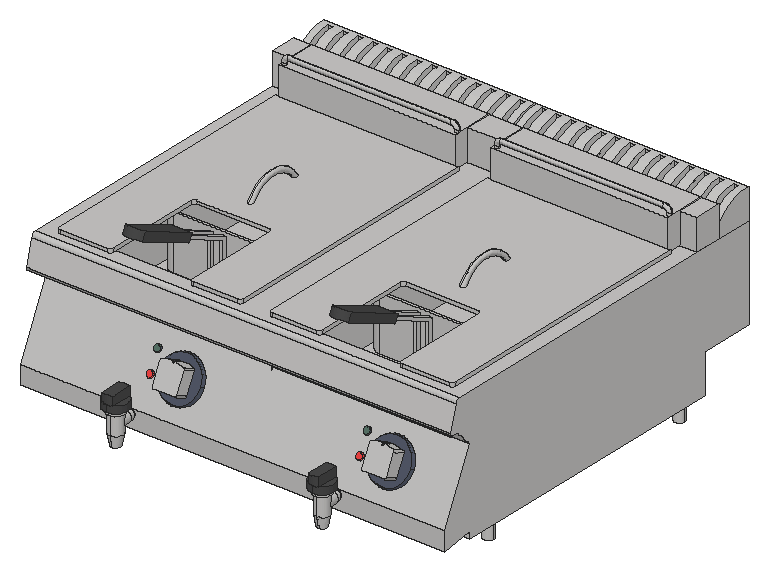
Revit family "QF_ZANUSSI_372080_Z7FREH2E00", category Specialty Equipment, Revit 2018 (continued)
Automatic sketch dimensions
  plane 9 "BASE" to Revolve 8 sketch curve = 12.388 mm
  Revolve 8 sketch curve to Revolve 8 sketch curve = 36.341 mm
  Revolve 8 sketch curve to Revolve 8 sketch curve = 7.879 mm
  Revolve 8 sketch curve to Revolve 8 sketch curve = 12.7 mm  (x2)
  Revolve 8 sketch curve to Revolve 8 sketch curve = 0 mm
  Revolve 8 sketch curve to Revolve 8 sketch curve = 15.064 mm
  plane 5 "FRONT" to Revolve 9 sketch curve = 34.322 mm
  plane 5 "FRONT" to Revolve 9 sketch curve = 12.357 mm
  plane 5 "FRONT" to Revolve 9 sketch curve = 3.364 mm
  Revolve 9 sketch curve to plane 5 "FRONT" = 16.478 mm
  plane 9 "BASE" to Revolve 9 sketch curve = 19.447 mm
  Revolve 9 sketch curve to Revolve 9 sketch curve = 1.702 mm
  Revolve 9 sketch curve to Revolve 9 sketch curve = 2.047 mm
  Revolve 9 sketch curve to Revolve 9 sketch curve = 12.303 mm
  Revolve 9 sketch curve to Revolve 9 sketch curve = 0 mm  (x2)
  Revolve 9 sketch curve to Revolve 9 sketch curve = 9.137 mm
  Extrusion 10 sketch curve to Extrusion 10 sketch curve = 0 mm  (x5)
  Extrusion 10 sketch curve to Extrusion 10 sketch curve = 20.063 mm  (x2)
  Revolve 6 to Extrusion 10 sketch curve = 9.626 mm
  Extrusion 10 sketch curve to Revolve 6 = 9.626 mm
  Extrusion 10 sketch curve to Extrusion 10 sketch curve = 369.686 mm
  Extrusion 10 sketch curve to Extrusion 10 sketch curve = 9.626 mm
  plane 9 "BASE" to Extrusion 11 sketch curve = 33.906 mm
  plane 5 "FRONT" to Extrusion 12 sketch curve = 0 mm  (x2)
  plane 1 "BACK" to Extrusion 12 sketch curve = 0 mm
  Extrusion 12 sketch curve to plane 3 "LEFT" = 0 mm
  Extrusion 12 sketch curve to plane 4 "RIGHT" = 0 mm
  Extrusion 12 sketch curve to plane 3 "LEFT" = 150.019 mm
  plane 4 "RIGHT" to Extrusion 12 sketch curve = 150.019 mm
  Extrusion 12 sketch curve to plane 1 "BACK" = 150.019 mm
  Extrusion 13 sketch curve to plane 4 "RIGHT" = 26.988 mm
  Extrusion 13 sketch curve to Extrusion 13 sketch curve = 6.35 mm  (x8)
  Extrusion 13 sketch curve to Extrusion 13 sketch curve = 88.9 mm
  Extrusion 13 sketch curve to plane 4 "RIGHT" = 128.588 mm
  plane 7 "Center Y" to Extrusion 13 sketch curve = 128.587 mm
  plane 11 to Extrusion 13 sketch curve = 57.877 mm  (x4)
  plane 7 "Center Y" to Extrusion 13 sketch curve = 122.238 mm
  plane 7 "Center Y" to Extrusion 13 sketch curve = 33.338 mm
  plane 12 to Extrusion 13 sketch curve = 0.124 mm  (x2)
  Extrusion 13 sketch curve to plane 7 "Center Y" = 26.988 mm
  Extrusion 13 sketch curve to Extrusion 13 sketch curve = 82.55 mm
  plane 3 "LEFT" to Extrusion 13 sketch curve = 134.938 mm
  plane 3 "LEFT" to Extrusion 13 sketch curve = 128.588 mm
  plane 3 "LEFT" to Extrusion 13 sketch curve = 33.338 mm
  plane 3 "LEFT" to Extrusion 13 sketch curve = 26.988 mm
  Extrusion 13 sketch curve to plane 8 "Center X" = 109.662 mm  (x2)
  Sweep 14 sketch curve to plane 6 "TOP" = 0 mm  (x2)
  plane 6 "TOP" to Sweep 14 sketch curve = 4.85 mm  (x2)
  plane 3 "LEFT" to Sweep 14 sketch curve = 39.688 mm
  Sweep 14 sketch curve to Sweep 14 sketch curve = 6.35 mm
  Sweep 14 sketch curve to plane 7 "Center Y" = 46.081 mm
  Sweep 14 sketch curve to profile plane = 2.09 mm
  profile plane to Sweep 14 sketch curve = 140.754 mm
  Extrusion 15 sketch curve to plane 7 "Center Y" = 175.907 mm
  Extrusion 15 sketch curve to Extrusion 15 sketch curve = 0 mm
  Extrusion 15 sketch curve to Extrusion 15 sketch curve = 11.832 mm
  Extrusion 15 sketch curve to Extrusion 15 sketch curve = 106.78 mm
  Extrusion 15 sketch curve to Extrusion 15 sketch curve = 18.617 mm
  Extrusion 16 sketch curve to plane 11 = 1.013 mm
  Extrusion 16 sketch curve to plane 11 = 3.696 mm
  Extrusion 16 sketch curve to plane 10 "TOP A" = 11.567 mm
  Extrusion 16 sketch curve to plane 11 = 84.899 mm
  Extrusion 16 sketch curve to plane 10 "TOP A" = 7.522 mm
  Extrusion 16 sketch curve to Extrusion 16 sketch curve = 6.35 mm
  Extrusion 16 sketch curve to Extrusion 16 sketch curve = 97.432 mm
  Extrusion 17 sketch curve to plane 11 = 1.013 mm
  Extrusion 17 sketch curve to plane 11 = 3.696 mm
  Extrusion 17 sketch curve to plane 10 "TOP A" = 11.567 mm
  Extrusion 17 sketch curve to plane 11 = 84.899 mm
  Extrusion 17 sketch curve to Extrusion 17 sketch curve = 6.35 mm
  Extrusion 17 sketch curve to plane 10 "TOP A" = 7.522 mm
  Extrusion 17 sketch curve to Extrusion 17 sketch curve = 97.432 mm
  Sweep 18 sketch curve to plane 10 "TOP A" = 0 mm  (x2)
  Sweep 18 sketch curve to plane 8 "Center X" = 12.824 mm
  Sweep 18 sketch curve to plane 10 "TOP A" = 26.978 mm
  Sweep 18 sketch curve to Sweep 18 sketch curve = 54.439 mm
  Sweep 18 sketch curve to profile plane = 0 mm  (x2)
  Sweep 19 sketch curve to plane 10 "TOP A" = 0 mm  (x2)
  Sweep 19 sketch curve to plane 8 "Center X" = 12.824 mm
  Sweep 19 sketch curve to plane 10 "TOP A" = 26.978 mm
  Sweep 19 sketch curve to Sweep 19 sketch curve = 54.439 mm
  Sweep 19 sketch curve to profile plane = 0 mm
  profile plane to Sweep 19 sketch curve = 0 mm
  plane 7 "Center Y" to Extrusion 20 sketch curve = 175.907 mm
  Extrusion 20 sketch curve to Extrusion 20 sketch curve = 0 mm
  Extrusion 20 sketch curve to Extrusion 20 sketch curve = 11.832 mm
  Extrusion 20 sketch curve to Extrusion 20 sketch curve = 106.78 mm
  Extrusion 20 sketch curve to Extrusion 20 sketch curve = 18.617 mm
  Extrusion 21 sketch curve to Extrusion 21 sketch curve = 0 mm  (x16)
  Extrusion 21 sketch curve to plane 4 "RIGHT" = 91.225 mm
  Extrusion 21 sketch curve to Extrusion 21 sketch curve = 3.175 mm  (x2)
  Extrusion 21 sketch curve to Extrusion 21 sketch curve = 22.225 mm  (x6)
  plane 7 "Center Y" to Extrusion 21 sketch curve = 105.625 mm  (x2)
  Extrusion 21 sketch curve to plane 7 "Center Y" = 80.225 mm
  plane 3 "LEFT" to Extrusion 21 sketch curve = 116.625 mm  (x2)
  plane 12 to Extrusion 21 sketch curve = 41.498 mm  (x2)
  Extrusion 21 sketch curve to plane 8 "Center X" = 116.11 mm  (x2)
  Extrusion 22 sketch curve to plane 11 = 1.013 mm
  Extrusion 22 sketch curve to plane 11 = 3.696 mm
  Extrusion 22 sketch curve to plane 10 "TOP A" = 11.567 mm
  Extrusion 22 sketch curve to plane 11 = 84.899 mm
  Extrusion 22 sketch curve to plane 10 "TOP A" = 7.522 mm
  Extrusion 22 sketch curve to Extrusion 22 sketch curve = 6.35 mm
  Extrusion 22 sketch curve to Extrusion 22 sketch curve = 97.432 mm
  Extrusion 23 sketch curve to plane 11 = 1.013 mm
  Extrusion 23 sketch curve to plane 11 = 3.696 mm
  Extrusion 23 sketch curve to plane 10 "TOP A" = 11.567 mm
  Extrusion 23 sketch curve to plane 11 = 84.899 mm
  Extrusion 23 sketch curve to Extrusion 23 sketch curve = 6.35 mm
  Extrusion 23 sketch curve to Extrusion 23 sketch curve = 97.432 mm
  Extrusion 23 sketch curve to plane 10 "TOP A" = 7.522 mm
  plane 1 "BACK" to Extrusion 24 sketch curve = 6.761 mm
  Extrusion 24 sketch curve to plane 7 "Center Y" = 15.351 mm
  Extrusion 24 sketch curve to Extrusion 24 sketch curve = 9.296 mm
  Extrusion 24 sketch curve to Extrusion 24 sketch curve = 57.15 mm
  plane 1 "BACK" to Extrusion 25 sketch curve = 6.761 mm
  plane 3 "LEFT" to Extrusion 25 sketch curve = 50.591 mm
  Extrusion 25 sketch curve to Extrusion 25 sketch curve = 9.296 mm
  Extrusion 25 sketch curve to Extrusion 25 sketch curve = 57.15 mm
  plane 1 "BACK" to Extrusion 26 sketch curve = 6.761 mm
  plane 3 "LEFT" to Extrusion 26 sketch curve = 78.433 mm
  Extrusion 26 sketch curve to Extrusion 26 sketch curve = 9.296 mm
  Extrusion 26 sketch curve to Extrusion 26 sketch curve = 57.15 mm
  plane 1 "BACK" to Extrusion 27 sketch curve = 6.761 mm
  plane 3 "LEFT" to Extrusion 27 sketch curve = 106.275 mm
  Extrusion 27 sketch curve to Extrusion 27 sketch curve = 9.296 mm
  Extrusion 27 sketch curve to Extrusion 27 sketch curve = 57.15 mm
  plane 1 "BACK" to Extrusion 28 sketch curve = 6.761 mm
  plane 3 "LEFT" to Extrusion 28 sketch curve = 134.118 mm
  Extrusion 28 sketch curve to Extrusion 28 sketch curve = 9.296 mm
  Extrusion 28 sketch curve to Extrusion 28 sketch curve = 57.15 mm
  plane 1 "BACK" to Extrusion 29 sketch curve = 6.761 mm
  plane 3 "LEFT" to Extrusion 29 sketch curve = 161.96 mm
  Extrusion 29 sketch curve to Extrusion 29 sketch curve = 9.296 mm
  Extrusion 29 sketch curve to Extrusion 29 sketch curve = 57.15 mm
  plane 1 "BACK" to Extrusion 30 sketch curve = 6.761 mm
  plane 3 "LEFT" to Extrusion 30 sketch curve = 189.802 mm
  Extrusion 30 sketch curve to Extrusion 30 sketch curve = 9.296 mm
  Extrusion 30 sketch curve to Extrusion 30 sketch curve = 57.15 mm
  plane 1 "BACK" to Extrusion 31 sketch curve = 6.761 mm
  Extrusion 31 sketch curve to plane 7 "Center Y" = 182.405 mm
  Extrusion 31 sketch curve to Extrusion 31 sketch curve = 9.296 mm
  Extrusion 31 sketch curve to Extrusion 31 sketch curve = 57.15 mm
  plane 1 "BACK" to Extrusion 32 sketch curve = 6.761 mm
  Extrusion 32 sketch curve to plane 7 "Center Y" = 154.563 mm
  Extrusion 32 sketch curve to Extrusion 32 sketch curve = 9.296 mm
  Extrusion 32 sketch curve to Extrusion 32 sketch curve = 57.15 mm
  plane 1 "BACK" to Extrusion 33 sketch curve = 6.761 mm
  Extrusion 33 sketch curve to plane 7 "Center Y" = 126.721 mm
  Extrusion 33 sketch curve to Extrusion 33 sketch curve = 9.296 mm
  Extrusion 33 sketch curve to Extrusion 33 sketch curve = 57.15 mm
  plane 1 "BACK" to Extrusion 34 sketch curve = 6.761 mm
  Extrusion 34 sketch curve to plane 7 "Center Y" = 98.878 mm
  Extrusion 34 sketch curve to Extrusion 34 sketch curve = 9.296 mm
  Extrusion 34 sketch curve to Extrusion 34 sketch curve = 57.15 mm
  plane 1 "BACK" to Extrusion 35 sketch curve = 6.761 mm
  Extrusion 35 sketch curve to plane 7 "Center Y" = 71.036 mm
  Extrusion 35 sketch curve to Extrusion 35 sketch curve = 9.296 mm
  Extrusion 35 sketch curve to Extrusion 35 sketch curve = 57.15 mm
  plane 1 "BACK" to Extrusion 36 sketch curve = 6.761 mm
  Extrusion 36 sketch curve to plane 7 "Center Y" = 43.194 mm
  Extrusion 36 sketch curve to Extrusion 36 sketch curve = 9.296 mm
  Extrusion 36 sketch curve to Extrusion 36 sketch curve = 57.15 mm
  Extrusion 37 sketch curve to plane 1 "BACK" = 6.761 mm
  plane 4 "RIGHT" to Extrusion 37 sketch curve = 22.749 mm
  Extrusion 37 sketch curve to Extrusion 37 sketch curve = 9.296 mm
  Extrusion 37 sketch curve to Extrusion 37 sketch curve = 57.15 mm
  Extrusion 38 sketch curve to plane 1 "BACK" = 6.761 mm
  Extrusion 38 sketch curve to plane 7 "Center Y" = 15.351 mm
  Extrusion 38 sketch curve to Extrusion 38 sketch curve = 9.296 mm
  Extrusion 38 sketch curve to Extrusion 38 sketch curve = 57.15 mm
  Extrusion 39 sketch curve to plane 1 "BACK" = 6.761 mm
  plane 4 "RIGHT" to Extrusion 39 sketch curve = 50.591 mm
  Extrusion 39 sketch curve to Extrusion 39 sketch curve = 9.296 mm
  Extrusion 39 sketch curve to Extrusion 39 sketch curve = 57.15 mm
  Extrusion 40 sketch curve to plane 1 "BACK" = 6.761 mm
  plane 4 "RIGHT" to Extrusion 40 sketch curve = 78.433 mm
  Extrusion 40 sketch curve to Extrusion 40 sketch curve = 9.296 mm
  Extrusion 40 sketch curve to Extrusion 40 sketch curve = 57.15 mm
  Extrusion 41 sketch curve to plane 1 "BACK" = 6.761 mm
  plane 4 "RIGHT" to Extrusion 41 sketch curve = 106.275 mm
  Extrusion 41 sketch curve to Extrusion 41 sketch curve = 9.296 mm
  Extrusion 41 sketch curve to Extrusion 41 sketch curve = 57.15 mm
  Extrusion 42 sketch curve to plane 1 "BACK" = 6.761 mm
  plane 4 "RIGHT" to Extrusion 42 sketch curve = 134.118 mm
  Extrusion 42 sketch curve to Extrusion 42 sketch curve = 9.296 mm
  Extrusion 42 sketch curve to Extrusion 42 sketch curve = 57.15 mm
  Extrusion 43 sketch curve to plane 1 "BACK" = 6.761 mm
  plane 4 "RIGHT" to Extrusion 43 sketch curve = 161.96 mm
  Extrusion 43 sketch curve to Extrusion 43 sketch curve = 9.296 mm
  Extrusion 43 sketch curve to Extrusion 43 sketch curve = 57.15 mm
  Extrusion 44 sketch curve to plane 1 "BACK" = 6.761 mm
  plane 4 "RIGHT" to Extrusion 44 sketch curve = 189.802 mm
  Extrusion 44 sketch curve to Extrusion 44 sketch curve = 9.296 mm
  Extrusion 44 sketch curve to Extrusion 44 sketch curve = 57.15 mm
  Extrusion 45 sketch curve to plane 1 "BACK" = 6.761 mm
  Extrusion 45 sketch curve to plane 7 "Center Y" = 182.405 mm
  Extrusion 45 sketch curve to Extrusion 45 sketch curve = 9.296 mm
  Extrusion 45 sketch curve to Extrusion 45 sketch curve = 57.15 mm
  Extrusion 46 sketch curve to plane 1 "BACK" = 6.761 mm
  Extrusion 46 sketch curve to plane 7 "Center Y" = 154.563 mm
  Extrusion 46 sketch curve to Extrusion 46 sketch curve = 9.296 mm
  Extrusion 46 sketch curve to Extrusion 46 sketch curve = 57.15 mm
  Extrusion 47 sketch curve to plane 1 "BACK" = 6.761 mm
  Extrusion 47 sketch curve to plane 7 "Center Y" = 126.721 mm
  Extrusion 47 sketch curve to Extrusion 47 sketch curve = 9.296 mm
  Extrusion 47 sketch curve to Extrusion 47 sketch curve = 57.15 mm
  Extrusion 48 sketch curve to plane 1 "BACK" = 6.761 mm
  Extrusion 48 sketch curve to plane 7 "Center Y" = 98.878 mm
  Extrusion 48 sketch curve to Extrusion 48 sketch curve = 9.296 mm
  Extrusion 48 sketch curve to Extrusion 48 sketch curve = 57.15 mm
  Extrusion 49 sketch curve to plane 1 "BACK" = 6.761 mm
  Extrusion 49 sketch curve to plane 7 "Center Y" = 71.036 mm
  Extrusion 49 sketch curve to Extrusion 49 sketch curve = 9.296 mm
  Extrusion 49 sketch curve to Extrusion 49 sketch curve = 57.15 mm
  Extrusion 50 sketch curve to plane 1 "BACK" = 6.761 mm
  Extrusion 50 sketch curve to plane 7 "Center Y" = 43.194 mm
  Extrusion 50 sketch curve to Extrusion 50 sketch curve = 9.296 mm
  Extrusion 50 sketch curve to Extrusion 50 sketch curve = 57.15 mm
  plane 1 "BACK" to Extrusion 51 sketch curve = 0 mm
  plane 7 "Center Y" to Extrusion 51 sketch curve = 1.588 mm
  Extrusion 51 sketch curve to plane 7 "Center Y" = 1.587 mm
  Extrusion 51 sketch curve to plane 1 "BACK" = 69.85 mm
  Extrusion 52 sketch curve to plane 4 "RIGHT" = 0 mm
  Extrusion 52 sketch curve to plane 3 "LEFT" = 0 mm
  Extrusion 52 sketch curve to Extrusion 52 sketch curve = 31.75 mm
  plane 7 "Center Y" to Extrusion 52 sketch curve = 31.75 mm
  Extrusion 52 sketch curve to plane 7 "Center Y" = 31.75 mm
  plane 3 "LEFT" to Extrusion 52 sketch curve = 31.75 mm
  plane 1 "BACK" to Extrusion 52 sketch curve = 69.85 mm  (x3)
  Extrusion 52 sketch curve to plane 12 = 26.988 mm  (x3)
  plane 12 to Extrusion 53 sketch curve = 0.124 mm  (x2)
  Extrusion 53 sketch curve to plane 4 "RIGHT" = 33.338 mm
  plane 7 "Center Y" to Extrusion 53 sketch curve = 33.337 mm
  Extrusion 53 sketch curve to plane 7 "Center Y" = 33.338 mm
  plane 3 "LEFT" to Extrusion 53 sketch curve = 33.338 mm
  plane 1 "BACK" to Extrusion 53 sketch curve = 69.85 mm
  Extrusion 53 sketch curve to Extrusion 53 sketch curve = 0 mm
  Sweep 54 sketch curve to plane 6 "TOP" = 0 mm  (x2)
  plane 6 "TOP" to Sweep 54 sketch curve = 4.85 mm  (x2)
  Sweep 54 sketch curve to plane 4 "RIGHT" = 39.688 mm
  Sweep 54 sketch curve to Sweep 54 sketch curve = 6.35 mm
  plane 7 "Center Y" to Sweep 54 sketch curve = 46.081 mm
  profile plane to Sweep 54 sketch curve = 2.09 mm
  profile plane to Sweep 54 sketch curve = 140.754 mm
  Blend 55 sketch curve to plane 4 "RIGHT" = 125 mm  (x2)
  Extrusion 56 sketch curve to plane 4 "RIGHT" = 148 mm
  Extrusion 56 sketch curve to Extrusion 56 sketch curve = 2.997 mm  (x3)
  Extrusion 56 sketch curve to Extrusion 56 sketch curve = 20.003 mm  (x2)
  Extrusion 56 sketch curve to Extrusion 56 sketch curve = 40.005 mm
  Extrusion 56 sketch curve to Extrusion 56 sketch curve = 5.399 mm
  Extrusion 56 sketch curve to Extrusion 56 sketch curve = 40.037 mm
  Extrusion 56 sketch curve to Extrusion 56 sketch curve = 0 mm  (x2)
  Extrusion 57 sketch curve to plane 4 "RIGHT" = 142.5 mm
  Extrusion 57 sketch curve to Extrusion 57 sketch curve = 35 mm  (x2)
  Extrusion 58 sketch curve to plane 5 "FRONT" = 9.329 mm
  Extrusion 58 sketch curve to plane 10 "TOP A" = 112.016 mm
  Extrusion 58 sketch curve to Extrusion 58 sketch curve = 3 mm
  Extrusion 58 sketch curve to Extrusion 58 sketch curve = 0 mm
  Extrusion 58 sketch curve to Extrusion 58 sketch curve = 1 mm  (x2)
  Extrusion 58 sketch curve to Extrusion 58 sketch curve = 15 mm
  Extrusion 59 sketch curve to plane 4 "RIGHT" = 180.001 mm
  Extrusion 60 sketch curve to plane 4 "RIGHT" = 180.001 mm
  Blend 61 sketch curve to plane 7 "Center Y" = 120 mm  (x2)
  Extrusion 62 sketch curve to plane 7 "Center Y" = 143 mm
  Extrusion 62 sketch curve to Extrusion 62 sketch curve = 2.997 mm  (x3)
  Extrusion 62 sketch curve to Extrusion 62 sketch curve = 20.003 mm  (x2)
  Extrusion 62 sketch curve to Extrusion 62 sketch curve = 40.005 mm
  Extrusion 62 sketch curve to Extrusion 62 sketch curve = 5.399 mm
  Extrusion 62 sketch curve to Extrusion 62 sketch curve = 40.037 mm
  Extrusion 62 sketch curve to Extrusion 62 sketch curve = 0 mm  (x2)
  Extrusion 63 sketch curve to plane 7 "Center Y" = 137.5 mm
  Extrusion 63 sketch curve to Extrusion 63 sketch curve = 35 mm  (x2)
  Extrusion 64 sketch curve to plane 5 "FRONT" = 9.329 mm
  Extrusion 64 sketch curve to plane 10 "TOP A" = 112.016 mm
  Extrusion 64 sketch curve to Extrusion 64 sketch curve = 3 mm
  Extrusion 64 sketch curve to Extrusion 64 sketch curve = 0 mm
  Extrusion 64 sketch curve to Extrusion 64 sketch curve = 1 mm  (x2)
  Extrusion 64 sketch curve to Extrusion 64 sketch curve = 15 mm
  Extrusion 65 sketch curve to plane 7 "Center Y" = 175.001 mm
  Extrusion 66 sketch curve to plane 7 "Center Y" = 175.001 mm
  plane 1 "BACK" to curve 4 = 0 mm
  curve 4 to plane 4 "RIGHT" = 0 mm
  plane 5 "FRONT" to curve 92 = 0 mm
  plane 5 "FRONT" to curve 91 = 0 mm
  plane 5 "FRONT" to curve 85 = 0 mm
  plane 5 "FRONT" to curve 86 = 0 mm
  curve 24 to plane 3 "LEFT" = 0 mm
  plane 5 "FRONT" to curve 6 = 0 mm
  plane 5 "FRONT" to curve 5 = 0 mm
  plane 4 "RIGHT" to curve 3 = 150.019 mm
  curve 133 to plane 4 "RIGHT" = 13.453 mm
  curve 133 to curve 132 = 9.296 mm
  curve 42 to plane 4 "RIGHT" = 26.988 mm
  curve 42 to curve 215 = 4.763 mm
  curve 42 to curve 43 = 6.35 mm
  curve 80 to plane 12 = 4.568 mm
  curve 42 to curve 80 = 10.61 mm
  plane 1 "BACK" to curve 139 = 6.761 mm
  curve 132 to curve 139 = 18.547 mm
  curve 139 to curve 140 = 9.296 mm
  plane 1 "BACK" to curve 143 = 6.761 mm
  curve 138 to curve 143 = 18.547 mm
  curve 142 to curve 143 = 9.296 mm
  plane 1 "BACK" to curve 145 = 6.761 mm
  curve 141 to curve 145 = 18.547 mm
  curve 145 to curve 144 = 9.296 mm
  curve 43 to curve 45 = 88.9 mm
  plane 1 "BACK" to curve 148 = 6.761 mm
  curve 144 to curve 148 = 18.547 mm
  curve 46 to plane 4 "RIGHT" = 128.588 mm
  curve 148 to curve 147 = 9.296 mm
  curve 46 to curve 48 = 6.35 mm
  plane 1 "BACK" to curve 151 = 6.761 mm
  curve 147 to curve 151 = 18.547 mm
  curve 151 to curve 152 = 9.296 mm
  plane 1 "BACK" to curve 154 = 6.761 mm
  curve 150 to curve 154 = 18.547 mm
  curve 58 to plane 11 = 5.711 mm
  curve 45 to curve 58 = 58.32 mm
  curve 154 to curve 153 = 9.296 mm
  plane 8 "Center X" to curve 67 = 38.031 mm
  curve 47 to curve 67 = 60.633 mm
  curve 67 to curve 69 = 4.449 mm
  curve 58 to curve 88 = 19.467 mm
  plane 1 "BACK" to curve 157 = 6.761 mm
  curve 153 to curve 157 = 18.547 mm
  curve 157 to curve 158 = 9.296 mm
  curve 57 to curve 57 = 37.235 mm
  plane 1 "BACK" to curve 161 = 6.761 mm
  curve 156 to curve 161 = 18.547 mm
  curve 160 to curve 159 = 9.296 mm
  plane 1 "BACK" to curve 163 = 6.761 mm
  curve 159 to curve 163 = 18.547 mm
  curve 68 to curve 49 = 66.994 mm
  curve 163 to curve 164 = 9.296 mm
  curve 49 to curve 50 = 6.35 mm
  curve 50 to curve 52 = 6.35 mm
  plane 1 "BACK" to curve 166 = 6.761 mm
  curve 162 to curve 166 = 18.547 mm
  curve 166 to curve 167 = 9.296 mm
  plane 1 "BACK" to curve 169 = 6.761 mm
  curve 165 to curve 169 = 18.547 mm
  curve 169 to curve 170 = 9.296 mm
  plane 1 "BACK" to curve 173 = 6.761 mm
  curve 168 to curve 173 = 18.547 mm
  curve 172 to curve 171 = 9.296 mm
  curve 78 to plane 12 = 12.223 mm
  plane 7 "Center Y" to curve 78 = 37.641 mm
  plane 7 "Center Y" to curve 53 = 33.338 mm
  curve 77 to curve 208 = 5.891 mm
  plane 12 to curve 54 = 0.124 mm
  curve 78 to curve 54 = 10.653 mm
  plane 1 "BACK" to curve 136 = 6.761 mm
  curve 171 to curve 136 = 18.547 mm
  curve 136 to curve 137 = 9.296 mm
  plane 7 "Center Y" to curve 176 = 1.587 mm
  curve 24 to plane 7 "Center Y" = 1.588 mm
  plane 1 "BACK" to curve 95 = 6.761 mm
  curve 175 to curve 95 = 13.764 mm
  curve 93 to curve 94 = 9.296 mm
  plane 12 to curve 22 = 0.124 mm
  curve 22 to plane 7 "Center Y" = 26.988 mm
  curve 22 to curve 210 = 4.762 mm
  curve 21 to curve 20 = 6.35 mm
  curve 75 to plane 12 = 4.568 mm
  curve 22 to curve 75 = 10.653 mm
  plane 1 "BACK" to curve 129 = 6.761 mm
  curve 94 to curve 129 = 18.547 mm
  curve 129 to curve 131 = 9.296 mm
  plane 1 "BACK" to curve 128 = 6.761 mm
  curve 130 to curve 128 = 18.547 mm
  curve 126 to curve 127 = 9.296 mm
  plane 1 "BACK" to curve 123 = 6.761 mm
  curve 127 to curve 123 = 18.547 mm
  curve 123 to curve 124 = 9.296 mm
  curve 20 to curve 20 = 82.55 mm
  curve 19 to curve 30 = 6.35 mm
  plane 1 "BACK" to curve 122 = 6.761 mm
  curve 124 to curve 122 = 18.547 mm
  curve 17 to curve 17 = 6.35 mm
  curve 120 to curve 121 = 9.296 mm
  plane 1 "BACK" to curve 117 = 6.761 mm
  curve 121 to curve 117 = 18.547 mm
  curve 117 to curve 118 = 9.296 mm
  curve 25 to plane 5 "FRONT" = 8.614 mm
  curve 18 to curve 25 = 53.67 mm
  plane 1 "BACK" to curve 116 = 6.761 mm
  curve 118 to curve 116 = 18.547 mm
  curve 114 to curve 115 = 9.296 mm
  curve 25 to curve 82 = 17.768 mm
  plane 8 "Center X" to curve 37 = 38.031 mm
  curve 17 to curve 37 = 66.994 mm
  curve 37 to curve 38 = 4.449 mm
  plane 1 "BACK" to curve 113 = 6.761 mm
  curve 115 to curve 113 = 18.547 mm
  curve 81 to curve 27 = 19.467 mm
  curve 111 to curve 113 = 9.296 mm
  plane 1 "BACK" to curve 108 = 6.761 mm
  curve 112 to curve 108 = 18.547 mm
  curve 108 to curve 110 = 9.296 mm
  curve 36 to curve 16 = 60.633 mm
  plane 1 "BACK" to curve 105 = 6.761 mm
  curve 109 to curve 105 = 18.547 mm
  curve 15 to curve 14 = 6.35 mm
  curve 105 to curve 106 = 9.296 mm
  curve 13 to curve 13 = 6.35 mm
  plane 1 "BACK" to curve 102 = 6.761 mm
  curve 106 to curve 102 = 18.547 mm
  curve 102 to curve 104 = 9.296 mm
  plane 1 "BACK" to curve 99 = 6.761 mm
  curve 103 to curve 99 = 18.547 mm
  curve 99 to curve 100 = 9.296 mm
  plane 1 "BACK" to curve 98 = 6.761 mm
  curve 100 to curve 98 = 18.547 mm
  curve 96 to curve 97 = 9.296 mm
  plane 3 "LEFT" to curve 74 = 37.548 mm
  plane 3 "LEFT" to curve 11 = 33.338 mm
  curve 73 to curve 207 = 5.848 mm
  curve 74 to curve 23 = 10.56 mm
  plane 1 "BACK" to curve 9 = 6.761 mm
  curve 97 to curve 9 = 18.547 mm
  curve 7 to curve 8 = 9.296 mm
  curve 1 to plane 3 "LEFT" = 150.019 mm
  curve 1 to plane 1 "BACK" = 150.019 mm
  plane 1 "BACK" to curve 134 = 6.761 mm
  curve 135 to curve 174 = 63.089 mm
  curve 24 to curve 174 = 0 mm
  curve 215 to curve 77 = 14.764 mm
  curve 207 to curve 74 = 22.419 mm
  curve 211 to curve 77 = 14.764 mm
  curve 74 to curve 74 = 7.655 mm
  curve 67 to plane 8 "Center X" = 63.432 mm
  curve 38 to plane 8 "Center X" = 63.432 mm
  curve 37 to curve 16 = 46.229 mm
  curve 67 to curve 48 = 46.229 mm
  curve 27 to plane 11 = 5.711 mm
  plane 11 to curve 45 = 57.877 mm
  plane 11 to curve 22 = 57.877 mm
  plane 11 to curve 61 = 57.877 mm
  plane 11 to curve 14 = 57.877 mm
  curve 56 to plane 5 "FRONT" = 8.614 mm
  curve 58 to plane 5 "FRONT" = 8.614 mm
  curve 27 to plane 5 "FRONT" = 8.614 mm
  plane 5 "FRONT" to curve 88 = 32.926 mm
  plane 5 "FRONT" to curve 81 = 32.926 mm
  curve 215 to curve 213 = 1.588 mm
  curve 59 to curve 66 = 3.442 mm
  curve 66 to curve 59 = 0 mm  (x2)
  curve 57 to curve 63 = 4.079 mm
  curve 92 to curve 88 = 11.007 mm
  curve 89 to curve 88 = 9.626 mm
  curve 63 to curve 62 = 5.857 mm
  curve 62 to curve 65 = 17.363 mm
  curve 87 to curve 90 = 9.626 mm
  curve 91 to curve 59 = 6.654 mm
  curve 65 to curve 64 = 5.857 mm
  curve 212 to curve 211 = 1.588 mm
  curve 210 to curve 209 = 1.588 mm
  curve 17 to curve 33 = 51.399 mm
  curve 25 to curve 85 = 6.654 mm
  curve 84 to curve 82 = 9.626 mm
  curve 33 to curve 34 = 5.857 mm
  curve 35 to curve 28 = 0 mm
  curve 34 to curve 31 = 17.363 mm
  curve 81 to curve 83 = 9.626 mm
  curve 86 to curve 28 = 8.46 mm
  curve 31 to curve 32 = 5.857 mm
  curve 35 to curve 35 = 3.442 mm
  curve 35 to curve 28 = 3.442 mm
  curve 205 to curve 10 = 6.3 mm
  curve 126 to curve 209 = 5.939 mm
  curve 129 to curve 209 = 5.939 mm
  curve 130 to curve 129 = 0 mm
  curve 100 to curve 205 = 5.939 mm
  curve 100 to curve 99 = 0 mm
  curve 7 to curve 206 = 5.939 mm
  curve 132 to curve 215 = 5.939 mm
  curve 132 to curve 133 = 0 mm
  curve 124 to curve 126 = 0 mm
  curve 124 to curve 123 = 0 mm
  curve 135 to curve 174 = 5.939 mm
  curve 135 to curve 136 = 0 mm
  curve 138 to curve 213 = 5.939 mm
  curve 138 to curve 139 = 0 mm
  curve 121 to curve 124 = 0 mm
  curve 121 to curve 120 = 0 mm
  curve 97 to curve 205 = 5.939 mm
  curve 141 to curve 138 = 0 mm
  curve 141 to curve 142 = 0 mm
  curve 144 to curve 141 = 0 mm
  curve 118 to curve 121 = 0 mm
  curve 118 to curve 117 = 0 mm
  curve 144 to curve 145 = 0 mm
  curve 147 to curve 144 = 0 mm
  curve 147 to curve 148 = 0 mm
  curve 150 to curve 147 = 0 mm
  curve 115 to curve 118 = 0 mm
  curve 115 to curve 114 = 0 mm
  curve 150 to curve 151 = 0 mm
  curve 153 to curve 150 = 0 mm
  curve 153 to curve 154 = 0 mm
  curve 156 to curve 153 = 0 mm
  curve 112 to curve 115 = 0 mm
  curve 112 to curve 111 = 0 mm
  curve 156 to curve 157 = 0 mm
  curve 159 to curve 156 = 0 mm
  curve 159 to curve 160 = 0 mm
  curve 97 to curve 96 = 0 mm
  curve 109 to curve 112 = 0 mm
  curve 109 to curve 108 = 0 mm
  curve 8 to curve 7 = 0 mm
  curve 172 to curve 212 = 5.939 mm
  curve 94 to curve 210 = 5.939 mm
  curve 94 to curve 93 = 0 mm
  curve 106 to curve 109 = 0 mm
  curve 106 to curve 105 = 0 mm
  curve 171 to curve 172 = 0 mm
  curve 172 to curve 169 = 0 mm
  curve 168 to curve 169 = 0 mm
  curve 102 to curve 106 = 0 mm
  curve 103 to curve 102 = 0 mm
  curve 169 to curve 166 = 0 mm
  curve 165 to curve 166 = 0 mm
  curve 127 to curve 126 = 0 mm
  curve 163 to curve 159 = 0 mm
  curve 162 to curve 163 = 0 mm
  curve 14 to curve 40 = 22.324 mm
  curve 49 to curve 71 = 22.324 mm
  curve 40 to curve 41 = 3.175 mm
  curve 47 to curve 62 = 25.499 mm
  curve 66 to curve 59 = 17.436 mm
  curve 35 to curve 27 = 17.436 mm
  curve 35 to curve 28 = 6.713 mm
  curve 66 to curve 59 = 6.713 mm
  curve 66 to curve 56 = 6.713 mm
  curve 35 to curve 25 = 6.713 mm
  plane 5 "FRONT" to curve 3 = 1.377 mm
  plane 5 "FRONT" to curve 1 = 1.377 mm
  plane 5 "FRONT" to curve 81 = 10.673 mm
  plane 5 "FRONT" to curve 87 = 10.673 mm
  curve 251 to plane 3 "LEFT" = 0 mm
  curve 216 to plane 3 "LEFT" = 0 mm
  plane 5 "FRONT" to curve 251 = 0 mm
  plane 5 "FRONT" to curve 252 = 0 mm
  plane 5 "FRONT" to curve 249 = 0 mm
  plane 5 "FRONT" to curve 253 = 0 mm
  plane 5 "FRONT" to curve 250 = 0 mm
  curve 216 to plane 4 "RIGHT" = 0 mm
  curve 250 to plane 4 "RIGHT" = 0 mm
  plane 5 "FRONT" to curve 217 = 9.347 mm
  curve 217 to plane 7 "Center Y" = 143 mm
  curve 218 to curve 218 = 0.809 mm
  curve 221 to curve 221 = 1.583 mm
  curve 218 to curve 219 = 1.846 mm
  curve 218 to curve 232 = 2.189 mm
  curve 217 to curve 220 = 11.892 mm
  curve 224 to plane 5 "FRONT" = 9.329 mm
  curve 221 to curve 224 = 20.417 mm
  curve 219 to curve 222 = 19.134 mm
  curve 222 to curve 231 = 1.738 mm
  curve 223 to curve 224 = 2 mm
  curve 220 to curve 229 = 22.215 mm
  curve 224 to curve 232 = 19.003 mm
  curve 228 to curve 228 = 0.343 mm
  curve 228 to curve 230 = 1.071 mm
  curve 228 to curve 227 = 2.189 mm
  curve 227 to curve 226 = 0.809 mm
  plane 5 "FRONT" to curve 242 = 9.347 mm
  curve 242 to plane 4 "RIGHT" = 148 mm
  curve 242 to curve 243 = 0.809 mm
  curve 246 to curve 246 = 1.583 mm
  curve 243 to curve 244 = 1.846 mm
  curve 243 to curve 248 = 2.189 mm
  curve 242 to curve 245 = 11.892 mm
  curve 241 to plane 5 "FRONT" = 9.329 mm
  curve 246 to curve 241 = 20.417 mm
  curve 248 to curve 247 = 19.134 mm
  curve 247 to curve 238 = 1.738 mm
  curve 240 to curve 240 = 2 mm
  curve 245 to curve 236 = 22.215 mm
  curve 239 to curve 248 = 19.003 mm
  curve 235 to curve 235 = 0.343 mm
  curve 235 to curve 237 = 1.071 mm
  curve 235 to curve 234 = 2.189 mm
  curve 234 to curve 233 = 0.809 mm
  curve 248 to curve 243 = 1.333 mm
  curve 232 to curve 218 = 1.333 mm
  curve 247 to curve 248 = 86.839 mm
  curve 231 to curve 232 = 86.839 mm
  curve 247 to curve 238 = 0 mm
  curve 222 to curve 231 = 0 mm
  curve 228 to curve 227 = 1.333 mm
  curve 235 to curve 234 = 1.333 mm
  curve 243 to curve 244 = 2.779 mm
  curve 218 to curve 219 = 2.779 mm
  curve 227 to curve 228 = 2.779 mm
  curve 234 to curve 235 = 2.779 mm
  curve 230 to plane 5 "FRONT" = 7.894 mm
  curve 246 to plane 5 "FRONT" = 7.894 mm
  curve 221 to plane 5 "FRONT" = 7.894 mm
  curve 237 to plane 5 "FRONT" = 7.894 mm
  curve 223 to curve 220 = 41.91 mm
  curve 240 to curve 245 = 41.91 mm
  curve 220 to curve 229 = 0 mm
  curve 245 to curve 236 = 0 mm
  plane 3 "LEFT" to curve 177 = 13.453 mm
  curve 177 to curve 177 = 9.296 mm
  curve 177 to curve 179 = 18.547 mm
  curve 179 to curve 179 = 9.296 mm
  curve 179 to curve 180 = 18.547 mm
  curve 180 to curve 180 = 9.296 mm
  curve 180 to curve 181 = 18.547 mm
  curve 181 to curve 181 = 9.296 mm
  curve 181 to curve 182 = 18.547 mm
  curve 182 to curve 182 = 9.296 mm
  curve 182 to curve 183 = 18.547 mm
  curve 183 to curve 183 = 9.296 mm
  curve 183 to curve 184 = 18.547 mm
  curve 184 to curve 184 = 9.296 mm
  curve 251 to curve 252 = 57 mm
  curve 184 to curve 185 = 18.547 mm
  curve 251 to curve 252 = 11 mm
  curve 185 to curve 185 = 9.296 mm
  curve 185 to curve 186 = 18.547 mm
  curve 186 to curve 186 = 9.296 mm
  curve 220 to curve 217 = 9.809 mm
  curve 221 to curve 221 = 0.284 mm
  curve 186 to curve 187 = 18.547 mm
  curve 187 to curve 187 = 9.296 mm
  curve 187 to curve 188 = 18.547 mm
  curve 188 to curve 188 = 9.296 mm
  curve 230 to curve 231 = 0.284 mm
  curve 226 to curve 229 = 9.809 mm
  curve 188 to curve 189 = 18.547 mm
  curve 189 to curve 189 = 9.296 mm
  curve 189 to curve 190 = 18.547 mm
  curve 190 to curve 190 = 9.296 mm
  curve 190 to curve 178 = 18.547 mm
  curve 178 to curve 178 = 9.296 mm
  plane 7 "Center Y" to curve 192 = 15.351 mm
  curve 192 to curve 192 = 9.296 mm
  curve 192 to curve 204 = 18.547 mm
  curve 204 to curve 204 = 9.296 mm
  curve 204 to curve 203 = 18.547 mm
  curve 203 to curve 203 = 9.296 mm
  curve 203 to curve 202 = 18.547 mm
  curve 202 to curve 202 = 9.296 mm
  curve 202 to curve 201 = 18.547 mm
  curve 201 to curve 201 = 9.296 mm
  curve 201 to curve 200 = 18.547 mm
  curve 200 to curve 200 = 9.296 mm
  curve 200 to curve 199 = 18.547 mm
  curve 249 to curve 253 = 62.974 mm
  curve 199 to curve 199 = 9.296 mm
  curve 249 to curve 253 = 10.962 mm
  curve 199 to curve 198 = 18.547 mm
  curve 198 to curve 198 = 9.296 mm
  curve 198 to curve 197 = 18.547 mm
  curve 245 to curve 242 = 9.809 mm
  curve 197 to curve 197 = 9.296 mm
  curve 247 to curve 246 = 0.284 mm
  curve 197 to curve 196 = 18.547 mm
  curve 196 to curve 196 = 9.296 mm
  curve 196 to curve 195 = 18.547 mm
  curve 237 to curve 238 = 0.284 mm
  curve 195 to curve 195 = 9.296 mm
  curve 233 to curve 236 = 9.809 mm
  curve 195 to curve 194 = 18.547 mm
  curve 194 to curve 194 = 9.296 mm
  curve 194 to curve 193 = 18.547 mm
  curve 193 to curve 193 = 9.296 mm
  curve 193 to curve 191 = 18.547 mm
  curve 191 to curve 191 = 9.296 mm
  curve 237 to curve 237 = 0.567 mm
  curve 246 to curve 246 = 0.567 mm
  curve 221 to curve 221 = 0.567 mm
  curve 230 to curve 230 = 0.567 mm
  curve 238 to curve 236 = 1.156 mm
  plane 1 "BACK" to curve 197 = 63.911 mm
  curve 198 to curve 197 = 0 mm
  curve 197 to curve 195 = 0 mm
  curve 199 to curve 198 = 0 mm
  curve 195 to curve 194 = 0 mm
  curve 194 to curve 193 = 0 mm
  plane 1 "BACK" to curve 192 = 63.911 mm
  curve 193 to curve 191 = 0 mm
  curve 196 to curve 195 = 0 mm
  curve 200 to curve 199 = 0 mm
  plane 1 "BACK" to curve 190 = 63.911 mm
  curve 201 to curve 200 = 0 mm
  curve 202 to curve 201 = 0 mm
  curve 189 to curve 190 = 0 mm
  curve 188 to curve 189 = 0 mm
  curve 203 to curve 202 = 0 mm
  curve 187 to curve 188 = 0 mm
  curve 186 to curve 187 = 0 mm
  curve 185 to curve 186 = 0 mm
  curve 184 to curve 185 = 0 mm
  curve 204 to curve 203 = 0 mm
  curve 183 to curve 184 = 0 mm
  curve 182 to curve 183 = 0 mm
  curve 181 to curve 182 = 0 mm
  curve 180 to curve 181 = 0 mm
  curve 179 to curve 180 = 0 mm
  curve 190 to curve 178 = 0 mm
  curve 177 to curve 179 = 0 mm
  radius of Extrusion 5 sketch curve = 9.525 mm  (x4)
  radius of Extrusion 10 sketch curve to Revolve 6 = 0 mm  (x2)
  radius of Extrusion 11 sketch curve = 12.7 mm
  radius of Sweep 14 sketch curve = 3.827 mm
  radius of Sweep 18 sketch curve = 4.353 mm
  radius of Sweep 19 sketch curve = 4.353 mm
  radius of Sweep 54 sketch curve = 3.827 mm
  radius of Blend 55 sketch curve = 42.5 mm
  radius of Blend 55 sketch curve = 40.5 mm
  radius of Split face 1 sketch curve = 1.5 mm
  radius of Split face 2 sketch curve = 1.5 mm
  radius of Split face 3 sketch curve = 1.5 mm
  radius of Split face 4 sketch curve = 1.5 mm
  radius of Split face 5 sketch curve = 1.5 mm
  radius of Split face 6 sketch curve = 1.5 mm
  radius of Split face 7 sketch curve = 1.5 mm
  radius of Split face 8 sketch curve = 1.5 mm
  radius of Split face 9 sketch curve = 1.5 mm
  radius of Extrusion 59 sketch curve = 6 mm
  radius of Extrusion 60 sketch curve = 6 mm
  radius of Blend 61 sketch curve = 42.5 mm
  radius of Blend 61 sketch curve = 40.5 mm
  radius of Split face 10 sketch curve = 1.5 mm
  radius of Split face 11 sketch curve = 1.5 mm
  radius of Split face 12 sketch curve = 1.5 mm
  radius of Split face 13 sketch curve = 1.5 mm
  radius of Split face 14 sketch curve = 1.5 mm
  radius of Split face 15 sketch curve = 1.5 mm
  radius of Split face 16 sketch curve = 1.5 mm
  radius of Split face 17 sketch curve = 1.5 mm
  radius of Split face 18 sketch curve = 1.5 mm
  radius of Extrusion 65 sketch curve = 6 mm
  radius of Extrusion 66 sketch curve = 6 mm
Connectors
  electrical at (736.5, -88.9, 58.906), driven by "Volts", driven by "Watts"
    settings: on Extrusion 11, index 1, voltage 400 V, apparent load 17400 VA, apparent load phase1 0 VA, apparent load phase2 0 VA, apparent load phase3 0 VA, power factor 1, load classification "Other", number of poles 1, system type 30, power factor state 1, is connector primary yes, connector utility no, sub classification motor no, connector description "Electrical Connection"
